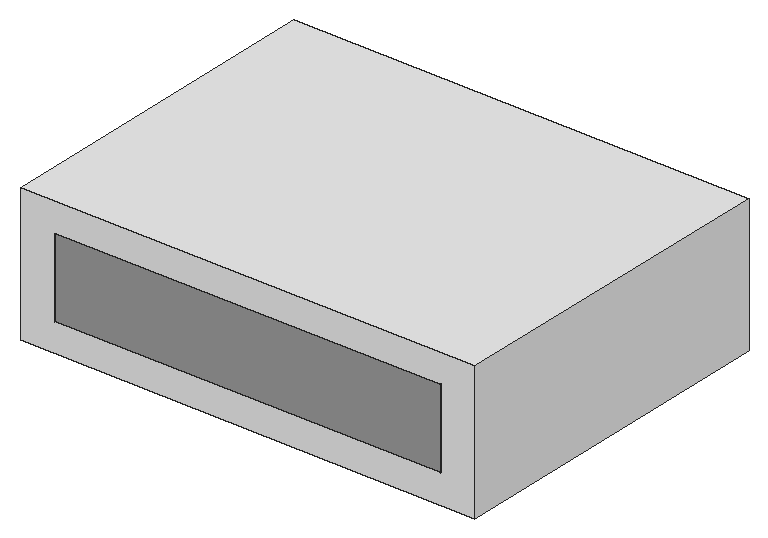
Revit family "11. Wichmann TW90 Faltbox", category HLS-Bauteile, Revit 2018
Family settings
  Basisbauteil = Wand
  Bemaßung runder Anschluss = Durchmesser verwenden
  Teiletyp = Normal
  Immer vertikal = Ja
  Beim Laden mit Abzugskörper schneiden = Nein
  Gemeinsam genutzt = Nein
  Raumberechnungspunkt = Nein
Parameters (values of type "TW90 Faltbox, 60x200x150 mm")
  Wandbreite [instance] = 300 mm
  Rohbauöffnung = yes
  Höhe UK Durchbruch = 1680 mm
  Höhe Rohbauöffnung = 90 mm
  Höhe Innenmaß = 35 mm
  Höhe Außenmaß = 60 mm
  HAN = "FB60200150"
  Breite Rohbauöffnung = 220 mm
  Breite Innenmaß = 170 mm
  Breite Außenmaß = 200 mm
  Bautiefe = 150 mm
  Abst = Höhe Rohbauöffnung / 2  # 45 mm
  Ab0 [instance] = 0.5 * (Breite Rohbauöffnung - Breite Außenmaß)  # 10 mm
  Ah0 [instance] = 0.5 * (Höhe Rohbauöffnung - Höhe Außenmaß)  # 15 mm
Types (10, lengths in mm): name | Höhe Innenmaß | HAN | Breite Rohbauöffnung | Breite Innenmaß | Breite Außenmaß | Bautiefe
  TW90 Faltbox, 60x160x150 mm | 36.753 | "FB60160150" | 300 | 250 | 280 | 150
  TW90 Faltbox, 60x240x150 mm | 35 | "FB60240150" | 260 | 210 | 240 | 150
  TW90 Faltbox, 60x280x125 mm | 35 | "FB60280125" | 300 | 250 | 280 | 125
  TW90 Faltbox, 60x280x150 mm | 36.753 | "FB60280150" | 300 | 250 | 280 | 150
  TW90 Faltbox, 60x120x125 mm | 35 | "FB60120125" | 140 | 90 | 120 | 125
  TW90 Faltbox, 60x120x150 mm | 35 | "FB60120150" | 140 | 90 | 120 | 150
  TW90 Faltbox, 60x160x125 mm | 35 | "FB60160125" | 180 | 130 | 160 | 125
  TW90 Faltbox, 60x200x125 mm | 35 | "FB60200125" | 220 | 170 | 200 | 125
  TW90 Faltbox, 60x200x150 mm | 35 | "FB60200150" | 220 | 170 | 200 | 150
  TW90 Faltbox, 60x240x125 mm | 35 | "FB60240125" | 260 | 210 | 240 | 125
Reference planes
  plane 1 "Wand": y = 0
  plane 2 "Mitte (Links/rechts)": x = 125
  plane 3 "Hinten": y = 150
  plane 4: y = 75
  plane 5: y = -75
  plane 6: z = 1725
  plane 7 "Vorne": y = -150
  plane 8: x = 225
  plane 9: x = 210
  plane 10: z = 1755
  plane 11: z = 1742.5
  plane 12: x = 25
  plane 13: x = 40
  plane 14: z = 1695
  plane 15: z = 1707.5
  plane 16: x = 235
  plane 17: x = 15
  plane 18: z = 1770
  plane 19: z = 1680
Forms (mm)
  Extrusion 1, solid, material "Brandschutzeinlage"
    sketch origin (0, 0, 0) x (1, 0, 0) y (0, 0, 1)
      loop
        line (225, 1755) -> (25, 1755) -> (25, 1695) -> (225, 1695) -> (225, 1755)
      loop
        line (210, 1742.5) -> (40, 1742.5) -> (40, 1707.5) -> (210, 1707.5) -> (210, 1742.5)
    from -75 to 75
  Extrusion 2, solid, material "Foam"
    sketch origin (0, 0, 0) x (1, 0, 0) y (0, 0, 1)
      loop
        line (210, 1742.5) -> (40, 1742.5) -> (40, 1707.5) -> (210, 1707.5) -> (210, 1742.5)
    from -75 to 75
Text (mm)
  text "Placement Side" at (-1848.837, 1116.779, 0), in view "Ref.-Ebene"
  text "Placement side" at (0, 1409.804, 2854.306), in view "Links"
  text "Placement side" at (0, 499.811, 2980.732), in view "Rechts"
Dimensions and locks
  locked: plane 3 "Hinten" to host wall
  "Bautiefe": plane 4 to plane 5
  "Wandbreite": plane 7 "Vorne" to plane 3 "Hinten"
  equal spacing: plane 7 "Vorne", host wall, plane 3 "Hinten"
  "Abst": nested 1 to nested 1
  equal spacing: plane 5, plane 1 "Wand", plane 4
  equal spacing: plane 13, plane 2 "Mitte (Links/rechts)", plane 9
  equal spacing: plane 12, plane 2 "Mitte (Links/rechts)", plane 8
  "Breite Außenmaß": plane 12 to plane 8
  "Breite Innenmaß": plane 13 to plane 9
  equal spacing: plane 14, plane 6, plane 10
  equal spacing: plane 15, plane 6, plane 11
  "Höhe Außenmaß": plane 14 to plane 10
  "Höhe Innenmaß": plane 15 to plane 11
  equal spacing: plane 17, plane 2 "Mitte (Links/rechts)", plane 16
  "Breite Rohbauöffnung": plane 17 to plane 16
  equal spacing: plane 19, plane 6, plane 18
  "Höhe Rohbauöffnung": plane 19 to plane 18
  aligned and locked: plane 1 "Wand" to host wall
  aligned and locked: plane 6 to nested 1
  aligned and locked: Extrusion 1 sketch curve to nested 1  (x2)
  aligned and locked: plane 14 to Extrusion 1 sketch curve
  aligned and locked: Extrusion 1 sketch curve to plane 12
  aligned and locked: plane 11 to Extrusion 1 sketch curve
  aligned and locked: Extrusion 1 sketch curve to plane 9
  aligned and locked: plane 15 to Extrusion 1 sketch curve
  aligned and locked: Extrusion 1 sketch curve to plane 13
  aligned and locked: plane 4 to Extrusion 1
  aligned and locked: Extrusion 1 to plane 5
  aligned and locked: Extrusion 2 to plane 5
  aligned and locked: plane 4 to Extrusion 2
Automatic sketch dimensions
  Extrusion 2 sketch curve to plane 11 = 0 mm
  Extrusion 2 sketch curve to plane 13 = 0 mm
  plane 9 to Extrusion 2 sketch curve = 0 mm
  Extrusion 2 sketch curve to plane 15 = 0 mm
Nested families
  nested 1: "Wandöffnung rechteckig" at (0, 0, -170.446), visible <- "Rohbauöffnung", Breite Aussparung <- "Breite Rohbauöffnung", Höhe Aussparung <- "Höhe Rohbauöffnung", built-in parameter 1001360 <- "Höhe UK Durchbruch", Ab <- "Ab0", Ah <- "Ah0", type "WD"
    with Vorzeichen Umkehrung -10 mm, Unterer virtueller Schnittkörper 10 mm, Tiefe Aussparung 100 mm, Oberer virtueller Schnittkörper 10 mm, Linien verdeckt Ansicht no, Linien verdeckt no, Linien ausgezogen Ansicht yes, Linien ausgezogen yes, Höhe Aussparung 90 mm, Breite Aussparung 220 mm, Aussparung verdeckt no, Aussparung undurchsichtig yes, Aussparung höhenbezogen darstellen yes, Ausklinkungsansicht (nur bei Schatten) 10 mm, Ah 15 mm, Ab 10 mm, A2 60 mm, A1 200 mm, 2D Symbol Schnitt none, 2D Symbol Grundriss none, 2D Symbol Ansicht none
Definition of nested family "Wandöffnung rechteckig"
  Parameters (values of type "WD")
    Wandbreite [instance] = 150 mm
    Oberer virtueller Schnittkörper [instance] = 10 mm
    Vorzeichen Umkehrung [instance] = -1 * Unterer virtueller Schnittkörper  # -10 mm
    Präfix Beschriftung Aussparung = "B/H/T ="
    Aussparung verdeckt [instance] = or(Oberer virtueller Schnittkörper > Höhe Aussparung / 2, Unterer virtueller Schnittkörper > Höhe Aussparung / 2)  # no
    Breite Aussparung [instance] = 1000 mm
    Aussparung undurchsichtig [instance] = not(Linien verdeckt)  # yes
    Aussparung höhenbezogen darstellen [instance] = yes
    Höhe Aussparung [instance] = 1400 mm
    Tiefe2 Aussparung [instance] = if(Durchbruch, Wandbreite, if(not(Tiefe Aussparung < Wandbreite), Wandbreite - 10 mm, Tiefe Aussparung))  # 150 mm
    Tiefe Aussparung [instance] = 100 mm
    Ausklinkung Grundriss (nur bei Schatten) [instance] = if(and(Tiefe2 Aussparung > 400 mm, Breite Aussparung > 400 mm), 80 mm, if(Tiefe2 Aussparung < Breite Aussparung, Tiefe2 Aussparung * 0.2, Breite Aussparung * 0.2))  # 30 mm
    Ausklinkungsansicht (nur bei Schatten) [instance] = Ab  # 50 mm
    Kerbenschnitt (nur bei Schatten) [instance] = if(and(Tiefe2 Aussparung > 400 mm, Höhe Aussparung > 400 mm), 80 mm, if(Tiefe2 Aussparung < Höhe Aussparung, Tiefe2 Aussparung * 0.2, Höhe Aussparung * 0.2))  # 30 mm
    Unterer virtueller Schnittkörper [instance] = 10 mm
    Linien ausgezogen Ansicht [instance] = Durchbruch  # yes
    Linien ausgezogen [instance] = not(Linien verdeckt)  # yes
    Verdeckt außerhalb Maskierung [instance] = Wandbreite < 0 mm  # no
    Linien verdeckt Ansicht [instance] = not(Durchbruch)  # no
    Linien verdeckt [instance] = and(Aussparung verdeckt, Aussparung höhenbezogen darstellen)  # no
    Durchbruch = yes
    Aussparung Tiefe2 [instance] = if(Durchbruch, Wandbreite, if(not(Tiefe Aussparung < Wandbreite), Wandbreite - 10 mm, Tiefe Aussparung))  # 150 mm
    Ah [instance] = 50 mm
    A2 [instance] = Höhe Aussparung - 2 * Ah  # 1300 mm
    A1 [instance] = Breite Aussparung - 2 * Ab  # 900 mm
    Ab [instance] = 50 mm
    2D Symbol Ansicht [instance] = Schatten gefüllt : Schatten gefüllt
    2D Symbol Schnitt [instance] = Kreuz : Kreuz
    2D Symbol Grundriss [instance] = Kreuz : Kreuz
  Reference planes
    plane 1 "Wand": y = 0
    plane 2 "Mitte (Links/rechts)": x = 125
    plane 3 "Hinten": y = 75
    plane 4: z = 1940.446
    plane 5 "Mitte (Oben/Unten)": z = 1240.446
    plane 6: z = 540.446
    plane 7: x = 625
    plane 8: x = -375
    plane 9: y = 0
    plane 10 "Vorn": y = -75
    plane 11 "Gegenüber": y = -75
    plane 12: x = 575
    plane 13: x = -325
    plane 14: z = 1890.446
    plane 15: z = 590.446
  Forms (mm)
    Extrusion 1, void
      sketch origin (0, 75, -100) x (1, 0, 0) y (0, 0, 1)
        loop
          line (625, 2040.446) -> (-375, 2040.446) -> (-375, 640.446) -> (625, 640.446) -> (625, 2040.446)
      from 0 to 150
  Text (mm)
    text "Platzierungsseite" at (-1848.837, 1116.779, 0), in view "Ref.-Ebene"
    text "Platzierungsseite" at (0, 1409.804, 2854.306), in view "Links"
    text "Platzierungsseite" at (0, 499.811, 2980.732), in view "Rechts"
  Dimensions and locks
    locked: plane 3 "Hinten" to host wall
    equal spacing: plane 8, plane 2 "Mitte (Links/rechts)", plane 7
    "Breite Aussparung": plane 8 to plane 7
    equal spacing: plane 6, plane 5 "Mitte (Oben/Unten)", plane 4
    "Höhe Aussparung": plane 6 to plane 4
    "Wandbreite": host wall to host wall
    equal spacing: plane 3 "Hinten", plane 9, plane 10 "Vorn"
    "Tiefe2 Aussparung": plane 10 "Vorn" to plane 3 "Hinten"
    "Ab": plane 8 to plane 13
    "Ab": plane 7 to plane 12
    "Ah": plane 15 to plane 6
    "Ah": plane 4 to plane 14
    aligned and locked: plane 1 "Wand" to host wall
    aligned and locked: nested 2 to plane 9
    aligned and locked: plane 10 "Vorn" to nested 2
    aligned and locked: nested 1 to plane 9
    aligned and locked: plane 4 to Extrusion 1
    aligned and locked: Extrusion 1 to plane 6
    aligned and locked: plane 8 to Extrusion 1
    aligned and locked: Extrusion 1 to plane 7
    aligned and locked: plane 10 "Vorn" to Extrusion 1
    aligned and locked: Extrusion 1 to plane 3 "Hinten"
    aligned and locked: plane 5 "Mitte (Oben/Unten)" to nested 1
    aligned and locked: plane 11 "Gegenüber" to host wall
    aligned and locked: plane 5 "Mitte (Oben/Unten)" to nested 3
    aligned and locked: plane 2 "Mitte (Links/rechts)" to nested 3
    aligned and locked: plane 5 "Mitte (Oben/Unten)" to nested 4
    aligned and locked: plane 2 "Mitte (Links/rechts)" to nested 4
    aligned and locked: plane 2 "Mitte (Links/rechts)" to nested 5
    aligned and locked: nested 5 to plane 9
    aligned and locked: plane 5 "Mitte (Oben/Unten)" to nested 6
    aligned and locked: nested 6 to host wall
  Automatic sketch dimensions
    plane 4 to Extrusion 1 sketch curve = 0 mm
    plane 8 to Extrusion 1 sketch curve = 0 mm
    Extrusion 1 sketch curve to plane 6 = 0 mm
    plane 7 to Extrusion 1 sketch curve = 0 mm
  Nested families
    nested 1: "Kreuz" at (125, 0, 1240.446) x (0, -1, 0) z (1, 0, 0), Tiefe <- "A2", Breite <- "Tiefe2 Aussparung", type <- "2D Symbol Schnitt", Wand maskieren <- "Verdeckt außerhalb Maskierung", Verdeckte Linien <- "Verdeckt außerhalb Maskierung", type "Kreuz"
      with Wand maskieren no, Verdeckte Linien no, Tiefe 1300 mm, Linien ausgezogen yes, Füllungssymbol yes, Breite 150 mm
    nested 2: "Kreuz" at (125, 0, 1240.446), Breite <- "A1", Tiefe <- "Tiefe2 Aussparung", Wand maskieren <- "Aussparung undurchsichtig", Linien ausgezogen <- "Linien ausgezogen", Verdeckte Linien <- "Linien verdeckt", type <- "2D Symbol Grundriss", type "Kreuz"
      with Wand maskieren yes, Verdeckte Linien no, Tiefe 150 mm, Linien ausgezogen yes, Füllungssymbol yes, Breite 900 mm
    nested 3: "Schatten gefüllt" at (125, 75, 1240.446) x (-1, 0, 0) z (0, -1, 0), Tiefe <- "Höhe Aussparung", Breite <- "Breite Aussparung", Wand maskieren <- "Verdeckt außerhalb Maskierung", Verdeckte Linien <- "Verdeckt außerhalb Maskierung", type <- "2D Symbol Ansicht", Ah0 <- "Ah", Ab0 <- "Ab", type "Schatten gefüllt"
      with Wand maskieren no, Verdeckte Linien no, Tiefe 1400 mm, Linien ausgezogen yes, Füllungssymbol yes, Breite 1000 mm, Ah0 50 mm, Ab0 50 mm
    nested 4: "Schatten gefüllt" at (125, -75, 1240.446) x (-1, 0, 0) z (0, -1, 0), Tiefe <- "Höhe Aussparung", Wand maskieren <- "Verdeckt außerhalb Maskierung", Füllungssymbol <- "Verdeckt außerhalb Maskierung", Linien ausgezogen <- "Linien ausgezogen Ansicht", Verdeckte Linien <- "Linien verdeckt Ansicht", Breite <- "Breite Aussparung", type <- "2D Symbol Ansicht", Ab0 <- "Ab", Ah0 <- "Ah", type "Schatten gefüllt"
      with Wand maskieren no, Verdeckte Linien no, Tiefe 1400 mm, Linien ausgezogen yes, Füllungssymbol no, Breite 1000 mm, Ah0 50 mm, Ab0 50 mm
    nested 5: "LoMoChuNhat" at (125, 0, 0), B <- "Breite Aussparung", T <- "Tiefe2 Aussparung", type "LoMoChuNhat"
      with Wand maskieren yes, Verdeckte Linien yes, T 150 mm, Linien ausgezogen yes, Füllungssymbol yes, B 1000 mm
    nested 6: "LoMoChuNhat" at (125, 0, 1240.446) x (0, 0, 1) z (1, 0, 0), B <- "Höhe Aussparung", T <- "Tiefe2 Aussparung", type "LoMoChuNhat"
      with Wand maskieren yes, Verdeckte Linien yes, T 150 mm, Linien ausgezogen yes, Füllungssymbol yes, B 1400 mm
  Definition of nested family "Kreuz"
    Parameters (values of type "Kreuz gefüllt")
      Breite [instance] = 200 mm
      Wand maskieren [instance] = yes
      Linien ausgezogen [instance] = yes
      Verdeckte Linien [instance] = yes
      Füllungssymbol [instance] = yes
      Tiefe [instance] = 100 mm
    Reference planes
      plane 1 "Mitte ( Vorne/hinten)": y = 0
      plane 2: z = 0
      plane 3 "Mitte (Links/rechts)": x = 0
      plane 4: y = 50
      plane 5: x = -100
      plane 6: x = 100
      plane 7: y = -50
    Lines and regions (mm)
      Masking region 1, in view "Ref.-Ebene", visible <- "Wand maskieren"
        outline origin (0, 0, 0) x (1, 0, 0) y (0, 1, 0)
          loop
            line (-100, -50) -> (0, 0) -> (-100, 50) -> (-100, -50)
      Masking region 2, in view "Ref.-Ebene", visible <- "Wand maskieren"
        outline origin (0, 0, 0) x (0, 1, 0) y (-1, 0, 0)
          loop
            line (-50, -100) -> (50, -100) -> (0, 0) -> (-50, -100)
      Masking region 3, in view "Ref.-Ebene", visible <- "Wand maskieren"
        outline origin (0, 0, 0) x (1, 0, 0) y (0, 1, 0)
          loop
            line (-100, 50) -> (0, 0) -> (100, 50) -> (-100, 50)
      Masking region 4, in view "Ref.-Ebene", visible <- "Wand maskieren"
        outline origin (0, 0, 0) x (0, -1, 0) y (1, 0, 0)
          loop
            line (50, -100) -> (50, 100) -> (0, 0) -> (50, -100)
      detail lines, in view "Ref.-Ebene", visible <- "Linien ausgezogen"
        curve 1: line (-100, 50, 0) -> (100, 50, 0)
        curve 2: line (-100, -50, 0) -> (-100, 50, 0)
        curve 3: line (100, -50, 0) -> (-100, -50, 0)
        curve 4: line (100, 50, 0) -> (100, -50, 0)
        curve 5: line (-100, -50, 0) -> (100, 50, 0)
        curve 6: line (-100, 50, 0) -> (100, -50, 0)
      detail lines, in view "Ref.-Ebene", visible <- "Verdeckte Linien"
        curve 7: line (-100, 50, 0) -> (100, 50, 0)
        curve 8: line (-100, -50, 0) -> (-100, 50, 0)
        curve 9: line (100, -50, 0) -> (-100, -50, 0)
        curve 10: line (100, 50, 0) -> (100, -50, 0)
        curve 11: line (-100, 50, 0) -> (100, -50, 0)
        curve 12: line (-100, -50, 0) -> (100, 50, 0)
    Dimensions and locks
      equal spacing: plane 5, plane 3 "Mitte (Links/rechts)", plane 6
      equal spacing: plane 4, plane 1 "Mitte ( Vorne/hinten)", plane 7
      "Breite": plane 5 to plane 6
      "Tiefe": plane 4 to plane 7
      aligned and locked: curve 1 to plane 4
      aligned and locked: curve 3 to plane 7
      aligned and locked: Masking region 1 sketch curve to curve 2
      aligned and locked: Masking region 1 sketch curve to curve 6
      aligned and locked: Masking region 1 sketch curve to curve 5
      aligned and locked: Masking region 2 sketch curve to plane 6
      aligned and locked: Masking region 2 sketch curve to curve 5
      aligned and locked: Masking region 2 sketch curve to curve 6
      aligned and locked: Masking region 3 sketch curve to curve 1
      aligned and locked: Masking region 3 sketch curve to curve 6
      aligned and locked: curve 5 to Masking region 3 sketch curve
      aligned and locked: plane 7 to Masking region 4 sketch curve
      aligned and locked: curve 6 to Masking region 4 sketch curve
      aligned and locked: Masking region 4 sketch curve to curve 5
      aligned and locked: plane 6 to curve 10
      aligned and locked: plane 5 to curve 8
  Definition of nested family "Schatten gefüllt"
    Parameters (values of type "Schatten gefüllt")
      Wand maskieren [instance] = yes
      Linien ausgezogen [instance] = yes
      Verdeckte Linien [instance] = no
      Ab0 [instance] = 30 mm
      Füllungssymbol [instance] = yes
      Tiefe [instance] = 100 mm
      Breite [instance] = 200 mm
      Assembly Code = ""
      Ah0 [instance] = 30 mm
    Reference planes
      plane 1 "Mitte ( Vorne/hinten)": y = 0
      plane 2: z = 0
      plane 3 "Mitte (Links/rechts)": x = 0
      plane 4: y = 50
      plane 5: x = -100
      plane 6: x = 100
      plane 7: y = -50
      plane 8: y = 20
      plane 9: x = -70
    Lines and regions (mm)
      Filled region 1, type "Schwarz", in view "Referenzebene.", visible <- "Füllungssymbol"
        outline origin (0, 0, 0) x (0, 1, 0) y (-1, 0, 0)
          loop
            line (50, -100) -> (50, 100) -> (-50, 100) -> (20, 70) -> (50, -100)
      Masking region 1, in view "Referenzebene.", visible <- "Wand maskieren"
        outline origin (0, 0, 0) x (0, 1, 0) y (-1, 0, 0)
          loop
            line (-50, -100) -> (50, -100) -> (20, 70) -> (-50, 100) -> (-50, -100)
      detail lines, in view "Referenzebene.", visible <- "Linien ausgezogen"
        curve 1: line (100, 50, 0) -> (-100, 50, 0)
        curve 2: line (100, -50, 0) -> (100, 50, 0)
        curve 3: line (-100, -50, 0) -> (100, -50, 0)
        curve 4: line (-100, 50, 0) -> (-100, -50, 0)
        curve 5: line (100, 50, 0) -> (-70, 20, 0)
        curve 6: line (-70, 20, 0) -> (-100, -50, 0)
      detail lines, in view "Referenzebene.", visible <- "Verdeckte Linien"
        curve 7: line (100, 50, 0) -> (-100, 50, 0)
        curve 8: line (100, -50, 0) -> (100, 50, 0)
        curve 9: line (-100, -50, 0) -> (100, -50, 0)
        curve 10: line (-100, 50, 0) -> (-100, -50, 0)
        curve 11: line (100, 50, 0) -> (-70, 20, 0)
        curve 12: line (-70, 20, 0) -> (-100, -50, 0)
    Dimensions and locks
      equal spacing: plane 5, plane 3 "Mitte (Links/rechts)", plane 6
      "Breite": plane 5 to plane 6
      equal spacing: plane 4, plane 1 "Mitte ( Vorne/hinten)", plane 7
      "Tiefe": plane 7 to plane 4
      "Ah0": plane 4 to plane 8
      "Ab0": plane 5 to plane 9
      aligned and locked: Masking region 1 sketch curve to curve 11
      aligned and locked: Masking region 1 sketch curve to curve 12
      aligned and locked: plane 7 to Masking region 1 sketch curve
      aligned and locked: Masking region 1 sketch curve to plane 6
      aligned and locked: Filled region 1 sketch curve to plane 5
      aligned and locked: plane 4 to Filled region 1 sketch curve
      aligned and locked: curve 4 to plane 5
      aligned and locked: curve 2 to plane 6
      aligned and locked: plane 4 to curve 1
      aligned and locked: plane 7 to curve 3
      aligned and locked: Filled region 1 sketch curve to curve 6
      aligned and locked: Filled region 1 sketch curve to curve 11
    Automatic sketch dimensions
      Masking region 1 sketch curve to plane 8 = 0 mm
      Masking region 1 sketch curve to plane 4 = 0 mm
      Masking region 1 sketch curve to plane 9 = 0 mm
      Masking region 1 sketch curve to plane 5 = 0 mm
  Definition of nested family "LoMoChuNhat"
    Parameters (values of type "LoMoChuNhat")
      B [instance] = 200 mm
      Wand maskieren [instance] = yes
      Linien ausgezogen [instance] = yes
      Verdeckte Linien [instance] = yes
      Füllungssymbol [instance] = yes
      T [instance] = 100 mm
    Reference planes
      plane 1 "Mitte ( Vorne/hinten)": y = 0
      plane 2: z = 0
      plane 3 "Mitte (Links/rechts)": x = 0
      plane 4: y = 50
      plane 5: x = -100
      plane 6: x = 100
      plane 7: y = -50
    Lines and regions (mm)
      Masking region 1, in view "Ref.-Ebene", visible <- "Wand maskieren"
        outline origin (0, 0, 0) x (1, 0, 0) y (0, 1, 0)
          loop
            line (-100, -50) -> (0, 0) -> (-100, 50) -> (-100, -50)
      Masking region 2, in view "Ref.-Ebene", visible <- "Wand maskieren"
        outline origin (0, 0, 0) x (0, 1, 0) y (-1, 0, 0)
          loop
            line (-50, -100) -> (50, -100) -> (0, 0) -> (-50, -100)
      Masking region 3, in view "Ref.-Ebene", visible <- "Wand maskieren"
        outline origin (0, 0, 0) x (1, 0, 0) y (0, 1, 0)
          loop
            line (-100, 50) -> (0, 0) -> (100, 50) -> (-100, 50)
      Masking region 4, in view "Ref.-Ebene", visible <- "Wand maskieren"
        outline origin (0, 0, 0) x (0, -1, 0) y (1, 0, 0)
          loop
            line (50, -100) -> (50, 100) -> (0, 0) -> (50, -100)
      detail lines, in view "Ref.-Ebene", visible <- "Linien ausgezogen"
        curve 1: line (-100, 50, 0) -> (100, 50, 0)
        curve 2: line (-100, -50, 0) -> (-100, 50, 0)
        curve 3: line (100, -50, 0) -> (-100, -50, 0)
        curve 4: line (100, 50, 0) -> (100, -50, 0)
      detail lines, in view "Ref.-Ebene", visible <- "Verdeckte Linien"
        curve 5: line (-100, 50, 0) -> (100, 50, 0)
        curve 6: line (-100, -50, 0) -> (-100, 50, 0)
        curve 7: line (100, -50, 0) -> (-100, -50, 0)
        curve 8: line (100, 50, 0) -> (100, -50, 0)
    Dimensions and locks
      equal spacing: plane 5, plane 3 "Mitte (Links/rechts)", plane 6
      equal spacing: plane 4, plane 1 "Mitte ( Vorne/hinten)", plane 7
      "B": plane 5 to plane 6
      "T": plane 4 to plane 7
      aligned and locked: curve 1 to plane 4
      aligned and locked: curve 3 to plane 7
      aligned and locked: Masking region 1 sketch curve to curve 2
      aligned and locked: Masking region 2 sketch curve to plane 6
      aligned and locked: Masking region 3 sketch curve to curve 1
      aligned and locked: plane 7 to Masking region 4 sketch curve
      aligned and locked: plane 6 to curve 8
      aligned and locked: plane 5 to curve 6
    Automatic sketch dimensions
      plane 1 "Mitte ( Vorne/hinten)" to Masking region 1 sketch curve = 0 mm
      plane 7 to Masking region 1 sketch curve = 0 mm
      plane 1 "Mitte ( Vorne/hinten)" to Masking region 2 sketch curve = 0 mm
      Masking region 2 sketch curve to plane 4 = 0 mm
      plane 1 "Mitte ( Vorne/hinten)" to Masking region 3 sketch curve = 0 mm
      Masking region 3 sketch curve to plane 6 = 0 mm
      plane 1 "Mitte ( Vorne/hinten)" to Masking region 4 sketch curve = 0 mm
      Masking region 4 sketch curve to plane 5 = 0 mm
      Masking region 1 sketch curve to plane 3 "Mitte (Links/rechts)" = 0 mm
      Masking region 1 sketch curve to plane 4 = 0 mm
      plane 7 to Masking region 2 sketch curve = 0 mm
      Masking region 2 sketch curve to plane 3 "Mitte (Links/rechts)" = 0 mm
      Masking region 3 sketch curve to plane 5 = 0 mm
      Masking region 3 sketch curve to plane 3 "Mitte (Links/rechts)" = 0 mm
      Masking region 4 sketch curve to plane 3 "Mitte (Links/rechts)" = 0 mm
      Masking region 4 sketch curve to plane 6 = 0 mm
